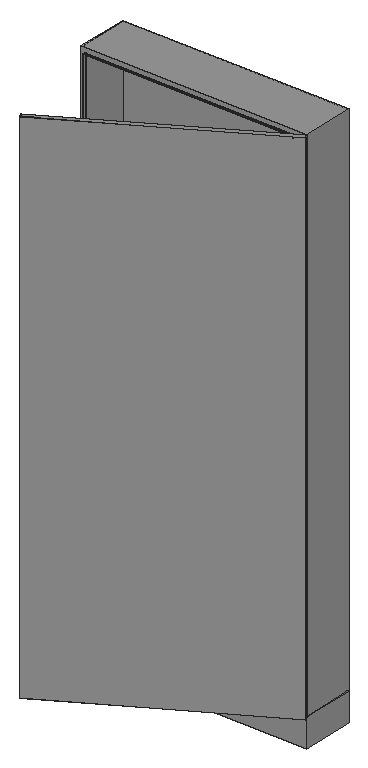
Revit family "Hager-Univers-IP44-D205-H1950-Cl.I-Encl-NoHosted-CH-it", category Electrical Equipment, Revit 2020
Family settings
  Panel Configuration = Two Columns, Circuits Across
  Round Connector Dimension = Use Diameter
  Part Type = Panelboard
  Work Plane-Based = Yes
  Always vertical = Yes
  Cut with Voids When Loaded = No
  Shared = No
  Room Calculation Point = No
Parameters (values of type "montaggio a pavimento IP44 L800 A1950 P205  - FP23TN2")
  Width Control [instance] = if([EF000008 - Larghezza] > Min Width, [EF000008 - Larghezza], Min Width)  # 800 mm
  Type Comments = [HG000003 - Gamma]  # "Univers"
  Thickness Door [instance] = if([EF009171 - spessore materiale porta/coperchio] > 3 mm, 3 mm, [EF009171 - spessore materiale porta/coperchio])  # 1 mm
  Seal Frame Offset [instance] = 17 mm  # constant formula
  Plinth Visibility [instance] = [HG000027 - Altezza dello zoccolo] > 0 mm  # yes
  Min Width [instance] = 100 mm  # constant formula
  Min Depth [instance] = (2 * [EF009170 - spessore materiale scatola]) + 1 mm  # 3 mm
  Min Height [instance] = 100 mm  # constant formula
  Internal Frame Depth [instance] = (Door System Depth * 0.5)  # 9 mm
  Panel Name [instance] = ""  # (empty or 0)
  Model = ""
  HG000027 - Altezza dello zoccolo = 100 mm
  HG000026 - A pavimento = yes
  HG000024 - Altezza della sezione inferiore = 600 mm
  HG000023 - Custodia a doppia sezione = no
  HG000016 - Visibilità delle porte nella vista 3D [instance] = yes
  HG000015 - Visibilità attraverso la porta [instance] = no
  HG000014 - Porta destra [instance] = yes
  HG000013 - Porta sinistra [instance] = not([HG000014 - Porta destra])  # no
  HG000012 - Angolo di apertura della porta [instance] = 30.00°
  HG000010 - Porte asimmetriche = no
  HG000009 - Porta doppia a battente = no
  HG000006 - Ad incasso = no
  HG000004 - Codice produttore = "FP23TN2"
  HG000003 - Gamma = "Univers"
  HG000002 - Con porta = yes
  Frame Offset Bottom [instance] = 10 mm  # constant formula
  Frame Offset [instance] = 15 mm  # constant formula
  EF015940 - Coprire con rilascio di sovrapressione = no
  EF011959 - tipo di protezione (NEMA) = ""
  EF009554 - numero delle aperture per la piastra della flangia = 6
  EF009212 - esecuzione coperchio = "EV000116 - chiuso"
  EF009171 - spessore materiale porta/coperchio = 1 mm
  EF009170 - spessore materiale scatola = 1 mm
  EF008873 - corrente nominale (In) = 400 A
  EF007800 - adatto per parafulmine = no
  EF006306 - con serratura = no
  EF006244 - coperchio/porta trasparente = no
  EF005474 - grado di protezione (IP) = "EV006418 - IP44"
  EF004464 - tipo di porta = "EV002646 - singolo"
  EF004427 - numero di moduli = 432
  EF004293 - resistenza agli urti = "EV006815 - IK09"
  EF003532 - adatto per uso esterno = no
  EF002950 - Numero moduli DIN = 36
  EF001613 - Integrità del circuito = "EV000494 - senza"
  EF001596 - Attacco Lampada = "EV000179 - acciaio"
  EF001131 - profondità interna = 205 mm
  EF001088 - possibilità di applicazione = yes
  EF000437 - numero di ingressi per conduttori = 6
  EF000339 - tipo di copertura = "EV001012 - coperchio"
  EF000266 - numero di file = 12
  EF000218 - profondità di incasso = 0 mm
  EF000118 - con piastra di montaggio = no
  EF000116 - numero RAL = "9010"
  EF000049 - profondità = 205 mm
  EF000040 - Altezza = 1950 mm
  EF000008 - Larghezza = 800 mm
  EF000007 - colore = "EV000202 - bianco"
  EF000003 - Tipo di montaggio = "EV012274 - montaggio a pavimento"
  Door System Leaf Tolerance [instance] = 1.5 mm  # constant formula
  Door System Depth [instance] = 18 mm  # constant formula
  Door Height [instance] = Height Control - [HG000027 - Altezza dello zoccolo]  # 1850 mm
  Description = ""
  Default Elevation = 1219.2 mm
  Connector Offset [instance] = Height Control / 2  # 975 mm
  Manufacturer = "Hager"  # constant formula
  Height Control [instance] = if([EF000040 - Altezza] > Min Height, [EF000040 - Altezza], Min Height)  # 1950 mm
  Depth Control [instance] = if([EF000049 - profondità] > Min Depth, [EF000049 - profondità], Min Depth)  # 205 mm
  Bottom Top Plate Trim [instance] = 1.5 mm  # constant formula
  Plinth height Ctrl [instance] = if([HG000027 - Altezza dello zoccolo] > 0 mm, [HG000027 - Altezza dello zoccolo], 12 mm)  # 100 mm
Types (5, lengths in mm): name | Width Control | HG000010 - Porte asimmetriche | HG000009 - Porta doppia a battente | HG000004 - Codice produttore | EF009554 - numero delle aperture per la piastra della flangia | EF008873 - corrente nominale (In) | EF004464 - tipo di porta | EF004427 - numero di moduli | EF002950 - Numero moduli DIN | EF000437 - numero di ingressi per conduttori | EF000008 - Larghezza
  montaggio a pavimento IP44 L1050 A1950 P205  - FP24TN2 | 1050 | no | yes | "FP24TN2" | 8 | 400 A | "EV003602 - doppio" | 576 | 48 | 8 | 1050
  montaggio a pavimento IP44 L1300 A1950 P205  - FP25TN2 | 1300 | yes | yes | "FP25TN2" | 10 | 400 A | "EV003602 - doppio" | 720 | 60 | 10 | 1300
  montaggio a pavimento IP44 L300 A1950 P205  - FP21TN2 | 300 | no | no | "FP21TN2" | 2 | 250 A | "EV002646 - singolo" | 144 | 12 | 2 | 300
  montaggio a pavimento IP44 L550 A1950 P205  - FP22TN2 | 550 | no | no | "FP22TN2" | 4 | 400 A | "EV002646 - singolo" | 288 | 24 | 4 | 550
  montaggio a pavimento IP44 L800 A1950 P205  - FP23TN2 | 800 | no | no | "FP23TN2" | 6 | 400 A | "EV002646 - singolo" | 432 | 36 | 6 | 800
Reference planes
  plane 1 "Center (Front/Back)": y = 0
  plane 2: z = 0
  plane 3 "Center (Left/Right)": x = 0
  plane 4: y = 0
  plane 5: y = 0
  plane 6: z = 0
  plane 7: x = -400
  plane 8: x = 400
  plane 9: x = 399
  plane 10: x = -399
  plane 11: z = 100
  plane 12: z = 101
  plane 13: y = -205
  plane 14: y = -1
  plane 15: x = 0
  plane 16: y = -187
  plane 17: y = -204
  plane 18: y = -186
  plane 19: x = -384
  plane 20: x = 384
  plane 21: z = 111
  plane 22: x = -383
  plane 23: x = 383
  plane 24: z = 100
  plane 25: z = 1950
  plane 26: z = 1950
  plane 27: z = 1934
  plane 28: z = 1949
Forms (mm)
  Extrusion 1, solid, material "Hager_Steel_RAL7035_Light_Grey", detail levels medium+fine
    sketch origin (-208.679, -4572, 100) x (-1, 0, 0) y (0, -1, 0)
      loop
        line (191.321, -4385) -> (-608.679, -4385) -> (-608.679, -4572) -> (191.321, -4572) -> (191.321, -4385)
    from 0 to 1850
  Extrusion 2, void
    sketch origin (-350.771, -205, 1219.2) x (1, 0, 0) y (0, 0, 1)
      loop
        line (-48.229, 729.8) -> (-48.229, -1118.2) -> (749.771, -1118.2) -> (749.771, 729.8) -> (-48.229, 729.8)
    from -19 to -204
  Extrusion 3, void
    sketch origin (-290.084, -187, 1219.2) x (1, 0, 0) y (0, 0, 1)
      loop
        line (-93.916, -1108.2) -> (674.084, -1108.2) -> (674.084, 714.8) -> (-93.916, 714.8) -> (-93.916, -1108.2)
    from 0 to -1
  Extrusion 4, solid, material "Hager_Steel_RAL7035_Light_Grey", visible <- "Plinth Visibility", detail levels medium+fine
    sketch origin (0, 0, 0) x (1, 0, 0) y (0, 1, 0)
      loop
        line (-400, 0) -> (-400, -187) -> (400, -187) -> (400, 0) -> (-400, 0)
    from 0 to 100 <- "Plinth height Ctrl"
  Extrusion 5, solid, material "Hager_Steel_RAL7035_Light_Grey", detail levels coarse
    sketch origin (0, 0, 0) x (1, 0, 0) y (0, 1, 0)
      loop
        line (-400, 0) -> (-400, -205) -> (400, -205) -> (400, 0) -> (-400, 0)
    from 0 to 1950 <- "Height Control"
  Sweep 6, void
    path in 3D
      loop
        line (-400, -187, 100) -> (400, -187, 100) -> (400, 0, 100) -> (-400, 0, 100) -> (-400, -187, 100)
    profile origin (-400, -93.5, 100) x (1, 0, 0) y (0, 0, 1)
      loop
        line (0, 0) -> (0, -1.5) -> (1.5, -1.5)
        arc (1.5, -1.5) -> (1.061, -0.439) -> (0, 0) r 1.5
  Extrusion 7, solid, material "Hager_Steel_RAL7035_Light_Grey", detail levels fine
    sketch origin (-400, -187, 100) x (1, 0, 0) y (0, 0, 1)
      loop
        line (16, 11) -> (784, 11) -> (784, 1834) -> (16, 1834) -> (16, 11)
      loop
        line (15, 10) -> (785, 10) -> (785, 1835) -> (15, 1835) -> (15, 10)
    from 0 to 9 <- "Internal Frame Depth"
Cuts and joins
  Extrusion 2, Extrusion 3 cuts Extrusion 1
  Sweep 6 cuts Extrusion 4
Lines and regions (mm)
  Masking region 1
    outline origin (0, 0, 0) x (1, 0, 0) y (0, 1, 0)
      loop
        line (-400, 0) -> (-400, -205) -> (400, -205) -> (400, 0) -> (-400, 0)
  Masking region 2, detail levels coarse
    outline origin (-290.084, -187, 1219.2) x (-1, 0, 0) y (0, 0, 1)
      loop
        line (-690.084, -1219.2) -> (109.916, -1219.2) -> (109.916, 730.8) -> (-690.084, 730.8) -> (-690.084, -1219.2)
  Masking region 3, detail levels coarse
    outline origin (0, 0, 0) x (0, 1, 0) y (0, 0, 1)
      loop
        line (0, 0) -> (0, 1950) -> (-205, 1950) -> (-205, 0) -> (0, 0)
  Masking region 4, visible <- "Plinth Visibility", detail levels medium+fine
    outline origin (0, 0, 0) x (0, 1, 0) y (0, 0, 1)
      loop
        line (-1.5, 100) -> (-185.5, 100)
        arc (-185.5, 100) -> (-185.939, 98.939) -> (-187, 98.5) r 1.5
        line (-187, 98.5) -> (-187, 0) -> (0, 0) -> (0, 98.5)
        arc (0, 98.5) -> (-1.061, 98.939) -> (-1.5, 100) r 1.5
  Masking region 5, detail levels medium+fine
    outline origin (0, 0, 594.038) x (0, 1, 0) y (0, 0, 1)
      loop
        line (0, -494.038) -> (0, 1355.962) -> (-187, 1355.962) -> (-187, -494.038) -> (0, -494.038)
  Masking region 6, detail levels medium+fine
    outline origin (-359.7, -187, 1211.883) x (-1, 0, 0) y (0, 0, 1)
      loop
        line (-759.7, -1111.883) -> (40.3, -1111.883) -> (40.3, 738.117) -> (-759.7, 738.117) -> (-759.7, -1111.883)
  Masking region 7, visible <- "Plinth Visibility", detail levels medium+fine
    outline origin (-320.334, -187, 1041.368) x (-1, 0, 0) y (0, 0, 1)
      loop
        line (-720.334, -1041.368) -> (79.666, -1041.368) -> (79.666, -942.868)
        arc (79.666, -942.868) -> (78.606, -942.429) -> (78.166, -941.368) r 1.5
        line (78.166, -941.368) -> (-718.834, -941.368)
        arc (-718.834, -941.368) -> (-719.273, -942.429) -> (-720.334, -942.868) r 1.5
        line (-720.334, -942.868) -> (-720.334, -1041.368)
  sketch lines
    curve 1: line (-400, 0, 100) -> (-400, -187, 100)
    curve 2: line (-400, -187, 100) -> (400, -187, 100)
    curve 3: line (400, 0, 100) -> (-400, 0, 100)
    curve 4: line (400, -187, 100) -> (400, 0, 100)
Dimensions and locks
  locked: plane 1 "Center (Front/Back)" to plane 5
  "EF009170 - spessore materiale scatola": plane 7 to plane 10
  "EF009170 - spessore materiale scatola": plane 8 to plane 9
  equal spacing: plane 7, plane 3 "Center (Left/Right)", plane 8
  "Width Control": plane 7 to plane 8
  "Depth Control": plane 4 to plane 13
  "EF009170 - spessore materiale scatola": plane 4 to plane 14
  "Height Control": plane 25 to level
  "HG000027 - Altezza dello zoccolo": plane 11 to level
  "EF009170 - spessore materiale scatola": plane 12 to plane 11
  "EF009170 - spessore materiale scatola": plane 17 to plane 13
  "EF009170 - spessore materiale scatola": plane 18 to plane 16
  "Frame Offset Bottom": plane 21 to plane 12
  "Frame Offset": plane 10 to plane 19
  "Frame Offset": plane 9 to plane 20
  "Door System Depth": plane 16 to plane 13
  "Seal Frame Offset": plane 7 to plane 22
  "Seal Frame Offset": plane 8 to plane 23
  "EF009170 - spessore materiale scatola": plane 26 to plane 28
  "Frame Offset": plane 28 to plane 27
  "Connector Offset": plane 2 to connector elem
  "Bottom Top Plate Trim": profile plane to Sweep 6 sketch curve
  "Bottom Top Plate Trim": Sweep 6 sketch curve to Sweep 6 sketch curve
  "Plinth height Ctrl": Masking region 4 sketch curve to level
  "Plinth height Ctrl": Masking region 7 sketch curve to level
  "Thickness Door": Extrusion 7 sketch curve to Extrusion 7 sketch curve  (x4)
  "Bottom Top Plate Trim": radius of Sweep 6 sketch curve
  "Bottom Top Plate Trim": radius of Masking region 4 sketch curve  (x2)
  "Bottom Top Plate Trim": radius of Masking region 7 sketch curve  (x2)
  aligned and locked: Extrusion 2 sketch curve to plane 12
  aligned and locked: Extrusion 2 sketch curve to plane 9
  aligned and locked: Extrusion 2 sketch curve to plane 10
  aligned and locked: Extrusion 2 to plane 14
  aligned and locked: Extrusion 1 sketch curve to plane 4
  aligned and locked: plane 8 to Extrusion 1 sketch curve
  aligned and locked: plane 7 to Extrusion 1 sketch curve
  aligned and locked: Extrusion 2 to plane 18
  aligned and locked: Extrusion 3 sketch curve to plane 19
  aligned and locked: plane 20 to Extrusion 3 sketch curve
  aligned and locked: Extrusion 3 to Extrusion 2
  aligned and locked: Extrusion 3 sketch curve to plane 21
  aligned and locked: plane 3 "Center (Left/Right)" to nested 1
  aligned and locked: Extrusion 1 sketch curve to plane 16
  aligned and locked: Extrusion 4 sketch curve to cut or joined group of Extrusion 1, Extrusion 2, Extrusion 3
  aligned and locked: Masking region 1 sketch curve to plane 7
  aligned and locked: Masking region 1 sketch curve to plane 5
  aligned and locked: Masking region 1 sketch curve to plane 8
  aligned and locked: Masking region 2 sketch curve to level
  aligned and locked: level to Masking region 3 sketch curve
  aligned and locked: plane 1 "Center (Front/Back)" to Masking region 3 sketch curve
  aligned and locked: plane 13 to Masking region 3 sketch curve
  aligned and locked: plane 5 to Masking region 4 sketch curve
  aligned and locked: Masking region 2 sketch curve to plane 8
  aligned and locked: Masking region 2 sketch curve to plane 7
  aligned and locked: plane 7 to nested 2
  aligned and locked: nested 2 to plane 5
  aligned and locked: plane 5 to Masking region 5 sketch curve
  aligned and locked: plane 26 to Masking region 5 sketch curve
  aligned and locked: Extrusion 5 sketch curve to plane 8
  aligned and locked: Extrusion 5 sketch curve to plane 7
  aligned and locked: Extrusion 5 sketch curve to plane 5
  aligned and locked: Extrusion 3 sketch curve to plane 27
  aligned and locked: Extrusion 2 sketch curve to plane 28
  aligned and locked: Masking region 2 to plane 25
  aligned and locked: Extrusion 4 to plane 16
  aligned and locked: profile plane to Sweep 6 sketch curve
  aligned and locked: Masking region 5 sketch curve to plane 24
  aligned and locked: level to Masking region 4 sketch curve
  aligned and locked: Masking region 1 to plane 13
  aligned and locked: nested 1 to plane 16
  aligned and locked: Masking region 3 to plane 25
  aligned and locked: plane 16 to Masking region 4 sketch curve
  aligned and locked: Masking region 5 sketch curve to plane 16
  aligned and locked: plane 24 to plane 11
  aligned and locked: plane 26 to plane 25
  aligned and locked: plane 26 to cut or joined group of Extrusion 1, Extrusion 2, Extrusion 3
  aligned and locked: nested 1 to plane 24
  aligned and locked: Extrusion 1 to Extrusion 3
  aligned and locked: Masking region 6 sketch curve to plane 8
  aligned and locked: Masking region 6 sketch curve to plane 24
  aligned and locked: Masking region 6 sketch curve to plane 7
  aligned and locked: Masking region 6 sketch curve to plane 26
  aligned and locked: Masking region 7 sketch curve to plane 7
  aligned and locked: level to Masking region 7 sketch curve
  aligned and locked: Masking region 7 sketch curve to plane 8
  aligned and locked: Extrusion 7 sketch curve to cut or joined group of Extrusion 1, Extrusion 2, Extrusion 3  (x4)
Automatic sketch dimensions
  plane 19 to Extrusion 3 sketch curve = 0 mm
  Extrusion 3 sketch curve to plane 20 = 0 mm
  Extrusion 3 sketch curve to plane 21 = 0 mm
  Extrusion 4 sketch curve to plane 7 = 0 mm
  Extrusion 4 sketch curve to plane 8 = 0 mm
  Extrusion 4 sketch curve to plane 16 = 0 mm
  Masking region 1 sketch curve to plane 13 = 0 mm
  Masking region 2 sketch curve to plane 25 = 0 mm
  Masking region 3 sketch curve to plane 25 = 0 mm
  Extrusion 5 sketch curve to plane 13 = 0 mm
  profile plane to Sweep 6 sketch curve = 0 mm
Nested families
  nested 1: "EC000058_Univers_Door" at (0, -187, 100), Double <- "HG000009 - Porta doppia a battente", Transparent <- "EF006244 - coperchio/porta trasparente", Angle <- "HG000012 - Angolo di apertura della porta", Door_Right <- "HG000014 - Porta destra", Assymetrical <- "HG000010 - Porte asimmetriche", Door <- "HG000002 - Con porta", Width_Ctrl <- "Width Control", 3d_Door <- "HG000016 - Visibilità delle porte nella vista 3D", Clearance <- "HG000015 - Visibilità attraverso la porta", Door_Left <- "HG000013 - Porta sinistra", Width <- "Width Control", Door_Depth <- "Door System Depth", Leaf_Tolerance <- "Door System Leaf Tolerance", Height <- "Door Height", Lock_Visibility <- "EF006306 - con serratura", Thickness <- "Thickness Door", type "EC000058_Univers_Door", detail levels medium+fine
    with min_wh 3 mm, Width_Ctrl 800 mm, Width 800 mm, Transparent no, Thickness 1 mm, Seal_Material Hager_Rubber, Lock_Visibility no, Lock_Material Hager_Plastic_RAL9005_Jet_Black, Leaf_Width 800 mm, Leaf_Tolerance_External_Sides 0 mm, Leaf_Tolerance 1.5 mm, Leaf_Offset 0 mm, Leaf_Height 1847 mm, Leaf_2_Width 800 mm, Leaf_2_Offset 400 mm, Leaf_1_Width 800 mm, Leaf_1_Offset 400 mm, Height_Ctrl 1850 mm, Height 1850 mm, Glass_Material Hager_Glass, Double_Clearance_Ctrl no, Double no, Door_Right_Ctrl yes, Door_Right yes, Door_Material Hager_Steel_RAL7035_Light_Grey, Door_Left_Ctrl no, Door_Left no, Door_Depth 18 mm, Door yes, Clearance_Material Hager_Clearance, Clearance_Depth 800 mm, Clearance_Ctrl no, Clearance no, Assymetrical no, Angle 30.00°, 3d_Door yes
  nested 2: "Hager_Enclosure_Symbol" at (-400, 0, 0), Height <- "Depth Control", Width <- "Width Control", type "Hager_Enclosure_Symbol"
    with Width_Ctrl 800 mm, Width 800 mm, Height_Ctrl 205 mm, Height 205 mm, A_Width_Int 13.453 mm, A_Width 161.438 mm, A_Height_Ctrl 179.375 mm, A_Height 179.375 mm
Connectors
  electrical at (0, 0, 975)
    settings: on plane 1 "Center (Front/Back)", index 1, voltage 0 V, apparent load 0 VA, apparent load phase1 0 VA, apparent load phase2 0 VA, apparent load phase3 0 VA, power factor 1, load classification "Other", number of poles 1, system type 30, power factor state 1, is connector primary yes, connector utility no, sub classification motor no, connector description ""
Definition of nested family "EC000058_Univers_Door"
  Parameters (values of type "EC000058_Univers_Door")
    min_wh [instance] = (2 * Thickness) + 1 mm  # 11 mm
    Width_Ctrl [instance] = 400 mm
    Width [instance] = 500 mm
    Transparent [instance] = yes
    Thickness [instance] = 5 mm
    Seal_Material [instance] = none
    Lock_Visibility [instance] = yes
    Lock_Material [instance] = none
    Leaf_Width [instance] = if((Width_Ctrl - 2 * Leaf_Tolerance_External_Sides) > 0 mm, (Width_Ctrl - 2 * Leaf_Tolerance_External_Sides), min_wh)  # 400 mm
    Leaf_Tolerance_External_Sides [instance] = 0 mm  # constant formula
    Leaf_Tolerance [instance] = 1.5 mm
    Leaf_Offset [instance] = 0 mm  # constant formula
    Leaf_Height [instance] = if((Height_Ctrl - 2 * Leaf_Tolerance) > 0 mm, (Height_Ctrl - 2 * Leaf_Tolerance), min_wh)  # 497 mm
    Leaf_2_Width [instance] = if(and(and(Double, Assymetrical), Door_Left), (Leaf_Width / 3) - (Leaf_Tolerance / 2), if(and(and(Double, Assymetrical), Door_Right), (Leaf_Width / 3) * 2 - (Leaf_Tolerance / 2), if(and(Double, not(Assymetrical)), (Leaf_Width / 2) - Leaf_Tolerance, Leaf_Width)))  # 400 mm
    Leaf_2_Offset [instance] = if(and(Double, Assymetrical), Leaf_2_Width / 2, if(and(Double, not(Assymetrical)), Leaf_Width / 4, Leaf_Width / 2))  # 200 mm
    Leaf_1_Width [instance] = if(and(and(Double, Assymetrical), Door_Right), (Leaf_Width / 3) - (Leaf_Tolerance / 2), if(and(and(Double, Assymetrical), Door_Left), (Width / 3) * 2 - (Leaf_Tolerance / 2), if(and(Double, not(Assymetrical)), (Leaf_Width / 2) - Leaf_Tolerance, Leaf_Width)))  # 400 mm
    Leaf_1_Offset [instance] = if(and(Double, Assymetrical), Leaf_1_Width / 2, if(and(Double, not(Assymetrical)), Leaf_Width / 4, Leaf_Width / 2))  # 200 mm
    Height_Ctrl [instance] = if(Height > min_wh, Height, min_wh)  # 500 mm
    Height [instance] = 500 mm
    Glass_Material [instance] = none
    Double_Clearance_Ctrl [instance] = and(Double, Clearance)  # no
    Double [instance] = no
    Door_Right_Ctrl [instance] = and(or(Door_Right, Double), Door)  # yes
    Door_Right [instance] = yes
    Door_Material [instance] = none
    Door_Left_Ctrl [instance] = and(or(Door_Left, Double), Door)  # no
    Door_Left [instance] = no
    Door_Depth [instance] = 30 mm
    Door [instance] = yes
    Default Elevation = 1219.2 mm
    Clearance_Material [instance] = none
    Clearance_Depth [instance] = if(Leaf_1_Width > Leaf_2_Width, Leaf_1_Width, Leaf_2_Width)  # 400 mm
    Clearance_Ctrl [instance] = and(not(Double), Clearance)  # yes
    Clearance [instance] = yes
    Assymetrical [instance] = yes
    Angle [instance] = 30.00°
    3d_Door [instance] = yes
  Reference planes
    plane 1 "Center (Front/Back)": y = 0
    plane 2 "Bottom": z = 0
    plane 3 "Center (Left/Right)": x = 0
    plane 4: z = 500
    plane 5: x = -200
    plane 6: x = 200
    plane 7: z = 500
    plane 8: x = -200
    plane 9: z = 0
    plane 10: x = 200
    plane 11: y = 0
    plane 12: z = 1.5
    plane 13: x = -600
    plane 14: y = -400
    plane 15: x = 600
    plane 16: x = 0
    plane 17: x = 0
    plane 18: x = -200
    plane 19: x = 200
    plane 20: z = 498.5
  Forms (mm)
    Extrusion 1, solid, material <- "Clearance_Material", visible <- "Double_Clearance_Ctrl"
      sketch origin (1200, 0, 0) x (1, 0, 0) y (0, 0, -1)
        loop
          line (-1800, -498.5) -> (-600, -498.5) -> (-600, 0) -> (-1800, 0) -> (-1800, -498.5)
      from 0 to -400
  Dimensions and locks
    equal spacing: plane 5, plane 3 "Center (Left/Right)", plane 6
    "Width_Ctrl": plane 5 to plane 6
    "Leaf_Offset": plane 5 to plane 8
    "Leaf_Offset": plane 6 to plane 10
    "Leaf_Offset": plane 9 to level
    "Leaf_Offset": plane 4 to plane 7
    "Height_Ctrl": plane 4 to level
    "Leaf_Tolerance": plane 12 to plane 9
    locked: plane 11 to plane 1 "Center (Front/Back)"
    "Leaf_1_Offset": plane 18 to plane 16
    "Leaf_2_Offset": plane 17 to plane 19
    "Leaf_1_Width": plane 13 to plane 8
    "Leaf_2_Width": plane 10 to plane 15
    "Clearance_Depth": plane 14 to plane 1 "Center (Front/Back)"
    "Leaf_Tolerance_External_Sides": plane 8 to plane 18
    "Leaf_Tolerance_External_Sides": plane 19 to plane 10
    "Leaf_Tolerance": plane 7 to plane 20
    aligned and locked: level to plane 2 "Bottom"
    aligned and locked: nested 1 to plane 16
    aligned and locked: nested 2 to plane 17
    aligned and locked: Extrusion 1 to plane 13
    aligned and locked: plane 15 to Extrusion 1
    aligned and locked: Extrusion 1 to plane 14
    aligned and locked: plane 12 to nested 1
    aligned and locked: nested 2 to plane 12
    aligned and locked: Extrusion 1 to plane 11
    aligned and locked: plane 20 to Extrusion 1
    aligned and locked: nested 2 to plane 11
    aligned and locked: nested 1 to plane 11
  Automatic sketch dimensions
    Extrusion 1 sketch curve to level = 0 mm
    plane 5 to Extrusion 1 sketch curve = 400 mm
    plane 6 to Extrusion 1 sketch curve = 400 mm
    Extrusion 1 sketch curve to plane 4 = 1.5 mm
  Nested families
    nested 1: "EC000058_Univers_Door_Leaf" at (0, 0, 1.5), Width <- "Leaf_1_Width", visible <- "Door_Left_Ctrl", Leaf_Height <- "Leaf_Height", Angle <- "Angle", 3d_Door <- "3d_Door", Transparent <- "Transparent", Clearance Material <- "Clearance_Material", Clearance <- "Clearance_Ctrl", Door_Material <- "Door_Material", Glass_Material <- "Glass_Material", Door_Depth <- "Door_Depth", Lock_Material <- "Lock_Material", Seal_Material <- "Seal_Material", Lock_Visibility <- "Lock_Visibility", Thickness <- "Thickness", type "EC000058_Univers_Door_Leaf"
      with Width 400 mm, Transparent_Glass_Offset 30 mm, Transparent_Ctrl yes, Transparent yes, Thickness 5 mm, Standard no, Seal_Material none, Seal_D2 8 mm, Seal_D1 1 mm, Offset_Internal_Frame 10 mm, Lock_Width 20 mm, Lock_Visibility_3d yes, Lock_Visibility yes, Lock_Thickness_3 3 mm, Lock_Thickness_2 1 mm, Lock_Thickness_1 3 mm, Lock_Radius_Offset_2 16 mm, Lock_Radius_Offset_1 15 mm, Lock_Radius_2 5 mm, Lock_Radius 6 mm, Lock_Offset 5 mm, Lock_Material none, Lock_Height 80 mm, Lock_Cover_Top_Offset_2d 17 mm, Lock_Cover_Height -65 mm, Leaf_Height 497 mm, Internal_Seal_Thickness 8 mm, Internal_Seal_Depth_2 4.5 mm, Internal_Frame_Depth 25 mm, Glass_Thickness -1 mm, Glass_Offset -2 mm, Glass_Material none, Door_Material none, Door_Depth 30 mm, Clearance Material none, Clearance yes, Angle_Ctrl 30.00°, Angle 30.00°, 3d_Door yes
    nested 2: "EC000058_Univers_Door_Leaf" at (0, 0, 1.5) x (-1, 0, 0) z (0, 0, 1), Width <- "Leaf_2_Width", visible <- "Door_Right_Ctrl", Leaf_Height <- "Leaf_Height", Angle <- "Angle", 3d_Door <- "3d_Door", Transparent <- "Transparent", Clearance Material <- "Clearance_Material", Clearance <- "Clearance_Ctrl", Door_Material <- "Door_Material", Glass_Material <- "Glass_Material", Door_Depth <- "Door_Depth", Lock_Material <- "Lock_Material", Seal_Material <- "Seal_Material", Lock_Visibility <- "Lock_Visibility", Thickness <- "Thickness", type "EC000058_Univers_Door_Leaf"
      with Width 400 mm, Transparent_Glass_Offset 30 mm, Transparent_Ctrl yes, Transparent yes, Thickness 5 mm, Standard no, Seal_Material none, Seal_D2 8 mm, Seal_D1 1 mm, Offset_Internal_Frame 10 mm, Lock_Width 20 mm, Lock_Visibility_3d yes, Lock_Visibility yes, Lock_Thickness_3 3 mm, Lock_Thickness_2 1 mm, Lock_Thickness_1 3 mm, Lock_Radius_Offset_2 16 mm, Lock_Radius_Offset_1 15 mm, Lock_Radius_2 5 mm, Lock_Radius 6 mm, Lock_Offset 5 mm, Lock_Material none, Lock_Height 80 mm, Lock_Cover_Top_Offset_2d 17 mm, Lock_Cover_Height -65 mm, Leaf_Height 497 mm, Internal_Seal_Thickness 8 mm, Internal_Seal_Depth_2 4.5 mm, Internal_Frame_Depth 25 mm, Glass_Thickness -1 mm, Glass_Offset -2 mm, Glass_Material none, Door_Material none, Door_Depth 30 mm, Clearance Material none, Clearance yes, Angle_Ctrl 30.00°, Angle 30.00°, 3d_Door yes
  Definition of nested family "EC000058_Univers_Door_Leaf"
    Parameters (values of type "EC000058_Univers_Door_Leaf")
      Width [instance] = 2000 mm
      Transparent_Glass_Offset [instance] = 30 mm
      Transparent_Ctrl [instance] = and(Transparent, [3d_Door])  # yes
      Transparent [instance] = yes
      Thickness [instance] = 5 mm
      Standard [instance] = and(not(Transparent), [3d_Door])  # no
      Seal_Material [instance] = none
      Seal_D2 [instance] = 8 mm  # constant formula
      Seal_D1 [instance] = 1 mm  # constant formula
      Offset_Internal_Frame [instance] = 10 mm  # constant formula
      Lock_Width [instance] = 20 mm  # constant formula
      Lock_Visibility_3d [instance] = and(Lock_Visibility, [3d_Door])  # yes
      Lock_Visibility [instance] = yes
      Lock_Thickness_3 [instance] = 3 mm  # constant formula
      Lock_Thickness_2 [instance] = 1 mm  # constant formula
      Lock_Thickness_1 [instance] = 3 mm  # constant formula
      Lock_Radius_Offset_2 [instance] = Lock_Radius_Offset_1 + 1 mm  # 16 mm
      Lock_Radius_Offset_1 [instance] = 15 mm  # constant formula
      Lock_Radius_2 [instance] = Lock_Radius - 1 mm  # 5 mm
      Lock_Radius [instance] = 6 mm  # constant formula
      Lock_Offset [instance] = 5 mm  # constant formula
      Lock_Material [instance] = none
      Lock_Height [instance] = 80 mm  # constant formula
      Lock_Cover_Top_Offset_2d [instance] = Lock_Radius_Offset_2 + 1 mm  # 17 mm
      Lock_Cover_Height [instance] = -(Lock_Height - Lock_Radius_Offset_1)  # -65 mm
      Leaf_Height [instance] = 2720.336 mm
      Internal_Seal_Thickness [instance] = 8 mm  # constant formula
      Internal_Seal_Depth_2 [instance] = 4.5 mm  # constant formula
      Internal_Frame_Depth [instance] = if(Door_Depth - Thickness > 5 mm, Door_Depth - Thickness, 5 mm)  # 25 mm
      Glass_Thickness [instance] = if(Thickness > 15 mm, Glass_Offset + 10 mm, -1 mm)  # -1 mm
      Glass_Offset [instance] = if(Thickness > 15 mm, -(Thickness + 10 mm) / 2, -2 mm)  # -2 mm
      Glass_Material [instance] = none
      Door_Material [instance] = none
      Door_Depth [instance] = 30 mm
      Default Elevation = 0 mm
      Clearance Material [instance] = none
      Clearance [instance] = yes
      Angle_Ctrl [instance] = if(Angle > 180.00°, 180.00°, Angle)  # 90.00°
      Angle [instance] = 90.00°
      3d_Door [instance] = yes
    Reference planes
      plane 1 "Center (Front/Back)": y = 0
      plane 2: z = 0
      plane 3 "Center (Left/Right)": x = 0
      plane 4: y = 2000
      plane 5: x = -1000
      plane 6: x = 1000
      plane 7: x = -3000
      plane 8: z = 2720.336
      plane 9: z = 30
      plane 10: z = 2690.336
      plane 11: x = 970
      plane 12: x = -970
      plane 13: y = -3
      plane 14: z = 107.833
      plane 15: y = -5
      plane 16: y = -223.314
      plane 17: x = -1000
      plane 18: z = 1360.168
      plane 19: y = 30
    Forms (mm)
      Extrusion 1, solid, material <- "Clearance Material", visible <- "Clearance"
        sketch origin (0, 0, 0) x (1, 0, 0) y (0, 0, 1)
          loop
            line (-3000, 2720.336) -> (-3000, 0) -> (1000, 0) -> (1000, 2720.336) -> (-3000, 2720.336)
        from 0 to -2000
      Extrusion 2, solid, material <- "Door_Material", visible <- "Standard", detail levels medium+fine
        sketch origin (-1000, 0, 0) x (0, 1, 0) y (-1, 0, 0)
          loop
            line (0, 30) -> (0, 25) -> (2000, 25) -> (2000, 30) -> (0, 30)
        from 0 to 2720.336 <- "Leaf_Height"
      Extrusion 3, solid, material <- "Door_Material", visible <- "Transparent_Ctrl", detail levels medium+fine
        sketch origin (-1000, 0, 0) x (0, 1, 0) y (-1, 0, 0)
          loop
            line (0, 25) -> (2000, 25) -> (2000, 30) -> (0, 30) -> (0, 25)
        from 0 to 2720.336 <- "Leaf_Height"
      Extrusion 4, void
        sketch origin (-1025, 2000, 0) x (0, 1, 0) y (0, 0, -1)
          loop
            line (-30, -2690.336) -> (-30, -30) -> (-1970, -30) -> (-1970, -2690.336) -> (-30, -2690.336)
        from 0 to 5 <- "Thickness"
      Sweep 5, solid, material <- "Seal_Material", visible <- "Transparent_Ctrl", detail levels fine
        path in 3D
          loop
            line (-1025, 30, 30) -> (-1025, 30, 2690.336) -> (-1025, 1970, 2690.336) -> (-1025, 1970, 30) -> (-1025, 30, 30)
        profile origin (-1025, 1000, 30) x (1, 0, 0) y (0, 0, 1)
          loop
            line (0, 0) -> (0, -8) -> (1, -8) -> (1, 0) -> (0, 0)
      Extrusion 6, solid, material <- "Glass_Material", visible <- "Transparent_Ctrl", detail levels medium+fine
        sketch origin (-1030, 0, 0) x (0, 1, 0) y (0, 0, -1)
          loop
            line (1970, -2690.336) -> (1970, -30) -> (30, -30) -> (30, -2690.336) -> (1970, -2690.336)
        from -2 <- "Glass_Offset" to -1 <- "Glass_Thickness"
      Extrusion 7, solid, material <- "Door_Material", visible <- "3d_Door", detail levels medium+fine
        sketch origin (-1025, 2000, 0) x (0, -1, 0) y (0, 0, -1)
          loop
            line (0, -2720.336) -> (2000, -2720.336) -> (2000, 0) -> (0, 0) -> (0, -2720.336)
          loop
            line (1995, -5) -> (5, -5) -> (5, -2715.336) -> (1995, -2715.336) -> (1995, -5)
        from 0 to 25 <- "Internal_Frame_Depth"
      Sweep 8, solid, material <- "Seal_Material", visible <- "Transparent_Ctrl", detail levels fine
        path in 3D
          loop
            line (-1025, 0, 0) -> (-1025, 2000, 0) -> (-1025, 2000, 2720.336) -> (-1025, 0, 2720.336) -> (-1025, 0, 0)
        profile origin (-1025, 0, 1360.168) x (1, 0, 0) y (0, 1, 0)
          loop
            line (0, 10) -> (2.975, 10)
            arc (2.975, 10) -> (4.053, 10.447) -> (4.5, 11.525) r 1.525
            line (4.5, 11.525) -> (4.5, 16.527)
            arc (4.5, 16.527) -> (4.069, 17.569) -> (3.027, 18) r 1.473
            line (3.027, 18) -> (0, 18) -> (0, 10)
      Extrusion 9, solid, material <- "Lock_Material", visible <- "Lock_Visibility_3d", detail levels fine
        sketch origin (-1030, 0, 0) x (0, 1, 0) y (0, 0, -1)
          loop
            arc (1993.5, -1400.168) -> (1994.561, -1399.729) -> (1995, -1398.668) r 1.5
            line (1995, -1398.668) -> (1995, -1320.168) -> (1975, -1320.168) -> (1975, -1398.668)
            arc (1975, -1398.668) -> (1975.439, -1399.729) -> (1976.5, -1400.168) r 1.5
            line (1976.5, -1400.168) -> (1993.5, -1400.168)
        from 3 <- "Lock_Thickness_1" to 0
      Blend 10, solid, material <- "Lock_Material", visible <- "Lock_Visibility_3d", detail levels fine
        base sketch origin (-1033, 0, 0) x (0, 1, 0) y (0, 0, -1)
          loop
            line (1975, -1320.168) -> (1975, -1398.668)
            arc (1975, -1398.668) -> (1975.439, -1399.729) -> (1976.5, -1400.168) r 1.5
            line (1976.5, -1400.168) -> (1993.5, -1400.168)
            arc (1993.5, -1400.168) -> (1994.561, -1399.729) -> (1995, -1398.668) r 1.5
            line (1995, -1398.668) -> (1995, -1320.168) -> (1975, -1320.168)
        top sketch origin (-1033, 0, 0) x (0, 1, 0) y (0, 0, -1)
          loop
            line (1976, -1320.168) -> (1976, -1398.668)
            arc (1976, -1398.668) -> (1976.146, -1399.022) -> (1976.5, -1399.168) r 0.5
            line (1976.5, -1399.168) -> (1993.5, -1399.168)
            arc (1993.5, -1399.168) -> (1993.854, -1399.022) -> (1994, -1398.668) r 0.5
            line (1994, -1398.668) -> (1994, -1320.168) -> (1976, -1320.168)
        from 0 to 1 <- "Lock_Thickness_2"
      Blend 11, solid, material <- "Lock_Material", visible <- "Lock_Visibility_3d", detail levels fine
        base sketch origin (-1034, 0, 0) x (0, 1, 0) y (0, 0, -1)
          loop
            line (1978, -1320.168) -> (1978, -1384.168)
            arc (1978, -1384.168) -> (1985, -1391.168) -> (1992, -1384.168) r 7
            line (1992, -1384.168) -> (1992, -1320.168) -> (1978, -1320.168)
        top sketch origin (-1034, 0, 0) x (0, 1, 0) y (0, 0, -1)
          loop
            line (1991, -1320.168) -> (1979, -1320.168) -> (1979, -1383.168)
            arc (1979, -1383.168) -> (1985, -1389.168) -> (1991, -1383.168) r 6
            line (1991, -1383.168) -> (1991, -1320.168)
        from 0 to 3 <- "Lock_Thickness_3"
      Extrusion 12, solid, material <- "Lock_Material", visible <- "Lock_Visibility_3d", detail levels fine
        sketch origin (-1030, 1975, 1320.168) x (1, 0, 0) y (0, -1, 0)
          loop
            line (-7, -19) -> (-7, -1) -> (0, -1) -> (0, 0) -> (-8, 0) -> (-8, -20) -> (0, -20) -> (0, -19) -> (-7, -19)
        from 0 to -65 <- "Lock_Cover_Height"
      Extrusion 13, void
        sketch origin (-1038, 1995, 1320.168) x (-1, 0, 0) y (0, 0, -1)
          loop
            line (-5, -65) -> (0, -65) -> (-5, -60) -> (-5, -65)
        from 0 to 20 <- "Lock_Width"
      Extrusion 14, void
        sketch origin (-1038, 1975, 1320.168) x (0, -1, 0) y (0, 0, -1)
          loop
            circle (-10, -15.995) r 6
          loop
            circle (-10, -15.995) r 5
        from 0 to 2
      Extrusion 15, solid, material <- "Lock_Material", visible <- "Lock_Visibility_3d", detail levels medium
        sketch origin (-1030, 0, 0) x (0, 1, 0) y (0, 0, -1)
          loop
            arc (1993.5, -1400.168) -> (1994.561, -1399.729) -> (1995, -1398.668) r 1.5
            line (1995, -1398.668) -> (1995, -1320.168) -> (1975, -1320.168) -> (1975, -1398.668)
            arc (1975, -1398.668) -> (1975.439, -1399.729) -> (1976.5, -1400.168) r 1.5
            line (1976.5, -1400.168) -> (1993.5, -1400.168)
        from 8 to 0
    Cuts and joins
      Extrusion 4 cuts Extrusion 3
      Extrusion 13, Extrusion 14 cuts Extrusion 9
      Extrusion 14 cuts Blend 11
      Extrusion 13, Extrusion 14 cuts Extrusion 12
      joined: Extrusion 9, Blend 10, Blend 11, Extrusion 12
      Extrusion 14 cuts Extrusion 15
    Lines and regions (mm)
      Masking region 1, visible <- "Lock_Visibility", detail levels fine
        outline origin (0, 0, 0) x (0, 1, 0) y (0, 0, 1)
          loop
            line (30, 1320.168) -> (33, 1320.168) -> (33, 1400.168) -> (30, 1400.168) -> (30, 1320.168)
      Masking region 2, visible <- "Lock_Visibility", detail levels fine
        outline origin (0, 3.143, 0) x (0, 1, 0) y (0, 0, 1)
          loop
            line (29.857, 1354.168) -> (30.857, 1354.168) -> (30.857, 1366.168) -> (29.857, 1366.168) -> (29.857, 1354.168)
      Masking region 3, detail levels medium+fine
        outline origin (0, 0, 0) x (0, 1, 0) y (0, 0, 1)
          loop
            line (0, 0) -> (30, 0) -> (30, 2720.336) -> (0, 2720.336) -> (0, 0)
      Masking region 4, detail levels medium+fine
        outline origin (0, 0, 0) x (1, 0, 0) y (0, 0, 1)
          loop
            line (-1000, 2720.336) -> (-1000, 0) -> (1000, 0) -> (1000, 2720.336) -> (-1000, 2720.336)
      Masking region 5, visible <- "Lock_Visibility", detail levels fine
        outline origin (-47.116, 0, 0) x (1, 0, 0) y (0, 0, 1)
          loop
            arc (1024.616, 1399.168) -> (1023.556, 1398.729) -> (1023.116, 1397.668) r 1.5
            line (1023.116, 1397.668) -> (1023.116, 1320.168) -> (1041.116, 1320.168) -> (1041.116, 1397.668)
            arc (1041.116, 1397.668) -> (1040.677, 1398.729) -> (1039.616, 1399.168) r 1.5
            line (1039.616, 1399.168) -> (1024.616, 1399.168)
      Masking region 6, visible <- "Lock_Visibility", detail levels medium+fine
        outline origin (-25, 0, 0) x (1, 0, 0) y (0, 0, 1)
          loop
            arc (1001.5, 1400.168) -> (1000.439, 1399.729) -> (1000, 1398.668) r 1.5
            line (1000, 1398.668) -> (1000, 1320.168) -> (1020, 1320.168) -> (1020, 1398.668)
            arc (1020, 1398.668) -> (1019.561, 1399.729) -> (1018.5, 1400.168) r 1.5
            line (1018.5, 1400.168) -> (1001.5, 1400.168)
      Masking region 7, visible <- "Lock_Visibility", detail levels fine
        outline origin (-73.735, 0, 0) x (1, 0, 0) y (0, 0, 1)
          loop
            line (1051.735, 1382.168) -> (1065.735, 1382.168) -> (1065.735, 1384.168)
            arc (1065.735, 1384.168) -> (1058.735, 1391.168) -> (1051.735, 1384.168) r 7
            line (1051.735, 1384.168) -> (1051.735, 1382.168)
      Masking region 8, visible <- "Lock_Visibility", detail levels fine
        outline origin (-73.735, 0, 0) x (1, 0, 0) y (0, 0, 1)
          loop
            line (1052.735, 1382.168) -> (1064.735, 1382.168) -> (1064.735, 1383.168)
            arc (1064.735, 1383.168) -> (1058.735, 1389.168) -> (1052.735, 1383.168) r 6
            line (1052.735, 1383.168) -> (1052.735, 1382.168)
      Masking region 9, visible <- "Lock_Visibility", detail levels fine
        outline origin (-25, 0, 0) x (1, 0, 0) y (0, 0, 1)
          loop
            line (1020, 1320.168) -> (1020, 1382.168) -> (1000, 1382.168) -> (1000, 1320.168) -> (1020, 1320.168)
      Masking region 10, detail levels medium+fine
        outline origin (0, 0, 0) x (1, 0, 0) y (0, 0, 1)
          loop
            circle (985, 1335.144) r 6
      Masking region 11, detail levels fine
        outline origin (0, 0, 0) x (1, 0, 0) y (0, 0, 1)
          loop
            circle (985, 1335.144) r 5
      Masking region 12, visible <- "Lock_Visibility", detail levels fine
        outline origin (0, 12.767, 0) x (0, 1, 0) y (0, 0, 1)
          loop
            line (20.233, 1320.168) -> (21.233, 1320.168) -> (21.233, 1399.168) -> (20.233, 1400.168) -> (20.233, 1320.168)
      Masking region 13, visible <- "Lock_Visibility", detail levels fine
        outline origin (0, 13.767, -10) x (0, 1, 0) y (0, 0, 1)
          loop
            line (20.233, 1330.168) -> (23.233, 1330.168) -> (23.233, 1399.168) -> (20.233, 1402.168) -> (20.233, 1330.168)
      Masking region 14, visible <- "Lock_Visibility", detail levels fine
        outline origin (0, 12.767, -10) x (0, 1, 0) y (0, 0, 1)
          loop
            line (20.233, 1330.168) -> (25.233, 1330.168) -> (25.233, 1399.305) -> (20.233, 1394.305) -> (20.233, 1330.168)
      Masking region 15, visible <- "Lock_Visibility", detail levels medium
        outline origin (0, 0, 0) x (0, 1, 0) y (0, 0, 1)
          loop
            line (30, 1320.168) -> (38, 1320.168) -> (38, 1400.168) -> (30, 1400.168) -> (30, 1320.168)
      Masking region 16, visible <- "Lock_Visibility", detail levels fine
        outline origin (-1000, 0, 0) x (0, 1, 0) y (-1, 0, 0)
          loop
            line (1975, 30) -> (1995, 30) -> (1995, 38) -> (1975, 38) -> (1975, 30)
          loop
            line (1979, 37) -> (1976, 37) -> (1976, 34) -> (1978, 34) -> (1979, 37)
          loop
            line (1994, 37) -> (1991, 37) -> (1992, 34) -> (1994, 34) -> (1994, 37)
      Masking region 17, visible <- "Lock_Visibility", detail levels medium
        outline origin (-1000, 0, 0) x (0, 1, 0) y (-1, 0, 0)
          loop
            line (1975, 30) -> (1995, 30) -> (1995, 38) -> (1975, 38) -> (1975, 30)
      symbolic lines
        curve 1: line (1000, 0, 0) -> (-3000, 0, 0)
        curve 2: arc (1000, 0, 0) -> (-1000, 2000, 0) -> (-3000, 0, 0) r 2000
        curve 4: line (-1030, 0, 0) -> (-1030, 2000, 0)
      reference lines
        curve 3: line (-1000, 0, 0) -> (-1000, 2000, 0)
      symbolic lines, detail levels medium+fine
        curve 5: line (-1030, 2000, 0) -> (-1025, 2000, 0)
        curve 7: line (-1025, 0, 0) -> (-1030, 0, 0)
        curve 8: line (-1025, 0, 0) -> (-1000, 0, 0)
        curve 9: line (-1000, 0, 0) -> (-1000, 2000, 0)
        curve 10: line (-1000, 2000, 0) -> (-1025, 2000, 0)
      symbolic lines, detail levels fine
        curve 6: line (-1025, 2000, 0) -> (-1025, 0, 0)
      sketch lines
        curve 11: line (-1025, 0, 2720.336) -> (-1025, 0, 0)
        curve 12: line (-1025, 2000, 0) -> (-1025, 0, 0)
        curve 13: line (-1025, 2000, 2720.336) -> (-1025, 2000, 0)
        curve 14: line (-1025, 0, 2720.336) -> (-1025, 2000, 2720.336)
        curve 15: line (-1025, 1970, 30) -> (-1025, 30, 30)
        curve 16: line (-1025, 30, 30) -> (-1025, 30, 2690.336)
        curve 17: line (-1025, 1970, 2690.336) -> (-1025, 1970, 30)
        curve 18: line (-1025, 30, 2690.336) -> (-1025, 1970, 2690.336)
      symbolic lines, visible <- "Transparent", detail levels medium+fine
        curve 19: line (-970, 0, 2690.336) -> (970, 0, 2690.336)
        curve 20: line (-970, 0, 30) -> (-970, 0, 2690.336)
        curve 21: line (970, 0, 30) -> (-970, 0, 30)
        curve 22: line (970, 0, 2690.336) -> (970, 0, 30)
    Dimensions and locks
      "Width": plane 1 "Center (Front/Back)" to plane 4
      equal spacing: plane 5, plane 3 "Center (Left/Right)", plane 6
      "Width": plane 5 to plane 6
      "Width": plane 7 to plane 5
      "Leaf_Height": plane 8 to level
      "Width": curve 5 to curve 3
      "Width": curve 3 to curve 3
      plane 8 to plane 10 = 30 mm
      plane 9 to level = 30 mm
      plane 12 to plane 5 = 30 mm
      plane 6 to plane 11 = 30 mm
      Extrusion 1 to Extrusion 4 sketch curve = 30 mm
      "Transparent_Glass_Offset": curve 3 to Extrusion 4 sketch curve
      "Transparent_Glass_Offset": Extrusion 4 sketch curve to cut or joined group of Extrusion 3, Extrusion 4  (x2)
      cut or joined group of Extrusion 3, Extrusion 4 to Extrusion 6 sketch curve = 30 mm
      "Transparent_Glass_Offset": cut or joined group of Extrusion 3, Extrusion 4 to Extrusion 4 sketch curve
      "Thickness": curve 6 to curve 4
      "Thickness": Extrusion 7 sketch curve to Extrusion 7 sketch curve  (x4)
      "Door_Depth": curve 4 to curve 3
      "Offset_Internal_Frame": profile plane to Sweep 8 sketch curve
      "Internal_Seal_Thickness": Sweep 8 sketch curve to Sweep 8 sketch curve
      "Internal_Seal_Depth_2": profile plane to Sweep 8 sketch curve
      "Seal_D1": profile plane to Sweep 5 sketch curve
      "Seal_D2": profile plane to Sweep 5 sketch curve
      "Thickness": Extrusion 2 sketch curve to Extrusion 2 sketch curve
      equal spacing: Extrusion 9 sketch curve, plane 18, Extrusion 9 sketch curve  (x2)
      equal spacing: Masking region 1 sketch curve, plane 18, Masking region 1 sketch curve
      "Lock_Height": Masking region 1 sketch curve to Masking region 1 sketch curve
      "Lock_Radius": Masking region 2 sketch curve to plane 18 to Masking region 2 sketch curve
      Masking region 2 sketch curve to Masking region 1 = 1 mm
      "Door_Depth": plane 19 to plane 1 "Center (Front/Back)"
      "Lock_Thickness_1": Masking region 1 sketch curve to plane 19
      "Lock_Width": Extrusion 9 sketch curve to Extrusion 9 sketch curve
      "Lock_Height": Extrusion 9 sketch curve to Extrusion 9 sketch curve
      "Lock_Offset": cut or joined group of Extrusion 3, Extrusion 4 to Extrusion 9 sketch curve
      equal spacing: plane 8, plane 18, level
      "Lock_Radius_Offset_1": Blend 11 sketch curve to Blend 10
      locked: Blend 10 to Blend 11 sketch curve at 2  (x2)
      locked: var sketch to Blend 11 sketch curve at 1  (x2)
      "Lock_Radius_Offset_2": Blend 11 sketch curve to Blend 10
      locked: Extrusion 12 sketch curve to Extrusion 12 sketch curve at 1  (x3)
      Masking region 6 sketch curve to Masking region 6 sketch curve = 80 mm
      "Lock_Height": Masking region 6 sketch curve to Masking region 6 sketch curve
      "Lock_Width": Masking region 6 sketch curve to Masking region 6 sketch curve
      locked: Masking region 6 to Masking region 5 sketch curve at 1  (x3)
      locked: Masking region 5 to Masking region 7 sketch curve at 2  (x2)
      "Lock_Radius_Offset_1": Masking region 5 to Masking region 7 sketch curve
      "Lock_Radius_Offset_2": Masking region 5 to Masking region 8 sketch curve
      locked: Masking region 7 to Masking region 8 sketch curve at 1  (x2)
      "Lock_Cover_Top_Offset_2d": Masking region 5 to Masking region 9 sketch curve
      equal spacing: Masking region 9, Masking region 10 sketch curve, Masking region 9
      equal spacing: Masking region 9, Masking region 11 sketch curve, Masking region 9
      Extrusion 15 sketch curve to Extrusion 15 sketch curve = 80 mm
      "Lock_Width": Extrusion 15 sketch curve to Extrusion 15 sketch curve
      "Lock_Height": Extrusion 15 sketch curve to Extrusion 15 sketch curve
      equal spacing: Extrusion 15 sketch curve, plane 18, Extrusion 15 sketch curve
      "Lock_Thickness_3": Masking region 13 sketch curve to Masking region 13 sketch curve
      "Lock_Height": Masking region 12 sketch curve to Masking region 12 sketch curve
      locked: Masking region 13 sketch curve to Masking region 1 at 8
      locked: Masking region 14 sketch curve to Masking region 13 at 1
      locked: Masking region 14 sketch curve to Masking region 1 at 10.863
      "Lock_Height": Masking region 15 sketch curve to Masking region 15 sketch curve
      "Lock_Offset": Extrusion 15 sketch curve to cut or joined group of Extrusion 3, Extrusion 4
      "Lock_Offset": plane 6 to Masking region 6 sketch curve
      radius of Sweep 8 sketch curve = 1.525 mm
      radius of Sweep 8 sketch curve = 1.473 mm
      radius of Extrusion 9 sketch curve = 1.5 mm  (x2)
      "Lock_Radius": radius of Extrusion 14 sketch curve
      "Lock_Radius_2": radius of Extrusion 14 sketch curve
      "Lock_Radius": radius of Masking region 10 sketch curve
      "Lock_Radius_2": radius of Masking region 11 sketch curve
      radius of Extrusion 15 sketch curve = 1.5 mm  (x2)
      "Angle_Ctrl": angle plane 1 "Center (Front/Back)" to curve 3
      locked: Masking region 12 sketch curve to Masking region 12 sketch curve (angle 45.00°)
      locked: Masking region 13 sketch curve to Masking region 13 sketch curve (angle 45.00°)
      locked: Masking region 14 sketch curve to Masking region 14 sketch curve (angle 45.00°)
      aligned and locked: level to plane 2
      aligned and locked: Extrusion 1 to curve 1
      aligned and locked: plane 6 to Extrusion 1
      aligned and locked: Extrusion 1 to plane 1 "Center (Front/Back)"
      aligned and locked: plane 4 to Extrusion 1
      aligned and locked: plane 8 to Extrusion 1
      aligned and locked: curve 7 to Extrusion 2 sketch curve
      aligned and locked: curve 5 to Extrusion 2 sketch curve
      aligned and locked: curve 7 to Extrusion 3 sketch curve
      aligned and locked: Extrusion 3 sketch curve to curve 4
      aligned and locked: Extrusion 3 sketch curve to curve 6
      aligned and locked: Extrusion 3 sketch curve to curve 5
      aligned and locked: curve 9 to curve 3
      aligned and locked: Extrusion 7 sketch curve to cut or joined group of Extrusion 3, Extrusion 4  (x4)
      aligned and locked: plane 17 to curve 3
      aligned and locked: plane 1 "Center (Front/Back)" to curve 3
      aligned and locked: plane 17 to plane 5
      aligned and locked: Sweep 8 sketch curve to profile plane
      aligned and locked: Sweep 5 sketch curve to profile plane  (x2)
      aligned and locked: Masking region 1 to Masking region 2 sketch curve
      aligned and locked: plane 19 to Masking region 1 sketch curve
      aligned and locked: plane 1 "Center (Front/Back)" to Masking region 3 sketch curve
      aligned and locked: plane 19 to Masking region 3 sketch curve
      aligned and locked: level to Masking region 3 sketch curve
      aligned and locked: Masking region 3 sketch curve to plane 8
      aligned and locked: plane 17 to Masking region 4 sketch curve
      aligned and locked: level to Masking region 4 sketch curve
      aligned and locked: Masking region 4 sketch curve to plane 8
      aligned and locked: plane 12 to curve 20
      aligned and locked: plane 10 to curve 19
      aligned and locked: plane 11 to curve 22
      aligned and locked: curve 21 to plane 9
      aligned and locked: Extrusion 2 sketch curve to cut or joined group of Extrusion 3, Extrusion 4
      aligned and locked: Blend 10 sketch curve to Extrusion 9  (x4)
      aligned and locked: Extrusion 9 to Blend 10 sketch curve
      aligned and locked: Blend 10 to Blend 11 sketch curve
      aligned and locked: Extrusion 12 sketch curve to Blend 11
      aligned and locked: Extrusion 12 sketch curve to Extrusion 9  (x4)
      aligned and locked: Masking region 5 sketch curve to Masking region 6
      aligned and locked: Masking region 9 sketch curve to Masking region 6  (x3)
      aligned and locked: Masking region 12 sketch curve to Masking region 1
      aligned and locked: Masking region 13 sketch curve to Masking region 1
      aligned and locked: Masking region 12 to Masking region 14
      aligned and locked: Masking region 14 sketch curve to Masking region 1
      aligned and locked: Masking region 15 sketch curve to Masking region 14
      aligned and locked: Masking region 13 sketch curve to Masking region 12
      aligned and locked: Masking region 16 sketch curve to cut or joined group of Extrusion 14, Extrusion 15  (x4)
      aligned and locked: Masking region 16 sketch curve to cut or joined group of Extrusion 9, Blend 10, Blend 11, Extrusion 12, Extrusion 13, Extrusion 14  (x6)
      aligned and locked: cut or joined group of Extrusion 9, Blend 10, Blend 11, Extrusion 12, Extrusion 13, Extrusion 14 to Masking region 16 sketch curve
      aligned and locked: Masking region 17 sketch curve to cut or joined group of Extrusion 14, Extrusion 15  (x3)
      aligned and locked: Masking region 17 sketch curve to cut or joined group of Extrusion 9, Blend 10, Blend 11, Extrusion 12, Extrusion 13, Extrusion 14
      aligned and locked: Masking region 9 to Masking region 8 sketch curve
      aligned and locked: Masking region 9 to Masking region 7 sketch curve
    Automatic sketch dimensions
      plane 1 "Center (Front/Back)" to curve 2 = 0 mm
      curve 2 to plane 5 = 0 mm
      Extrusion 1 sketch curve to level = 0 mm
      Extrusion 1 sketch curve to plane 7 = 0 mm
      Extrusion 1 sketch curve to plane 6 = 0 mm
      Extrusion 1 sketch curve to plane 8 = 0 mm
      Extrusion 3 to Extrusion 6 sketch curve = 30 mm  (x4)
      Masking region 4 sketch curve to plane 6 = 0 mm
      Blend 10 sketch curve to Extrusion 9 = 1.5 mm
      Blend 10 sketch curve to Extrusion 9 = 1 mm
      Extrusion 13 sketch curve to Extrusion 12 = 0 mm  (x2)
      Extrusion 12 to Extrusion 13 sketch curve = 3 mm
      Extrusion 13 sketch curve to Extrusion 12 = 5 mm
      Extrusion 14 sketch curve to Extrusion 14 sketch curve = 0 mm  (x2)
      Extrusion 14 sketch curve to Extrusion 12 = 10 mm
      Extrusion 14 sketch curve to Extrusion 12 = 15.995 mm
      Masking region 5 sketch curve to Masking region 5 sketch curve = 1.5 mm  (x2)
      Masking region 10 sketch curve to plane 18 = 25.024 mm
      Masking region 11 sketch curve to plane 18 = 25.024 mm
      plane 19 to Masking region 14 sketch curve = 3 mm
      Masking region 16 sketch curve to Masking region 16 sketch curve = 3 mm
      curve 4 to curve 3 = 0 mm
      Blend 10 to Blend 11 sketch curve = 0 mm
      Masking region 6 sketch curve to Masking region 6 sketch curve = 1.5 mm  (x2)
      Masking region 6 sketch curve to plane 18 = 40 mm
      plane 19 to Masking region 12 sketch curve = 3 mm
      Masking region 12 sketch curve to Masking region 12 sketch curve = 1 mm
      Masking region 15 sketch curve to plane 19 = 0 mm
      Masking region 15 sketch curve to plane 18 = 40 mm
      radius of Blend 10 sketch curve to Extrusion 9 = 1 mm
Definition of nested family "Hager_Enclosure_Symbol"
  Parameters (values of type "Hager_Enclosure_Symbol")
    Width_Ctrl [instance] = if(Width > 1 mm, Width, 1 mm)  # 102.27 mm
    Width [instance] = 102.27 mm
    Height_Ctrl [instance] = if(Height > 1 mm, Height, 1 mm)  # 66.5 mm
    A_Width_Int [instance] = if(A_Width / 12 > 2 mm, A_Width / 12, 2 mm)  # 4.364 mm
    A_Width [instance] = if(A_Height_Ctrl * 0.9 > 2 mm, A_Height_Ctrl * 0.9, 2 mm)  # 52.369 mm
    A_Height_Ctrl [instance] = if(A_Height > 2 mm, A_Height, 2 mm)  # 58.188 mm
    Height [instance] = 66.5 mm
    A_Height [instance] = Height - (Height / 8)  # 58.188 mm
  Reference planes
    plane 1 "Centre (avant/arrière)": y = 0
    plane 2: z = 0
    plane 3 "Centre (gauche/droite)": x = 0
    plane 4: x = 52.369
    plane 5: y = 33.042
    plane 6: y = 41.77
    plane 7: y = 66.5
    plane 8: x = 26.184
    plane 9: y = 37.406
    plane 10: x = 102.27
    plane 11: y = 66.5
    plane 12: y = 8.313
  Lines and regions (mm)
    Filled region 1, type "Solid_Black", in view "Niveau de réf."
      outline origin (0, 0, 0) x (1, 0, 0) y (0, 1, 0)
        loop
          line (52.369, 66.5) -> (33.188, 54.536) -> (45.365, 45.006) -> (52.369, 66.5)
    Filled region 2, type "Solid_Black", in view "Niveau de réf."
      outline origin (0, 0, 0) x (1, 0, 0) y (0, 1, 0)
        loop
          line (0, 0) -> (102.27, 0) -> (102.27, 66.5) -> (0, 0)
    detail lines, in view "Niveau de réf."
      curve 1: line (0, 8.313, 0) -> (26.184, 41.77, 0)
      curve 2: line (26.184, 41.77, 0) -> (26.184, 33.042, 0)
      curve 3: line (26.184, 33.042, 0) -> (52.369, 66.5, 0)
  Dimensions and locks
    "A_Width": plane 3 "Centre (gauche/droite)" to plane 4
    equal spacing: plane 3 "Centre (gauche/droite)", plane 8, plane 4
    equal spacing: plane 6, plane 9, plane 5
    equal spacing: curve 3, Filled region 1 sketch curve, Filled region 1 sketch curve
    "Height_Ctrl": plane 1 "Centre (avant/arrière)" to plane 11
    "A_Height_Ctrl": plane 11 to plane 12
    equal spacing: plane 11, plane 9, plane 12
    "A_Width_Int": plane 6 to plane 9
    "Width_Ctrl": plane 3 "Centre (gauche/droite)" to plane 10
    angle Filled region 1 sketch curve to curve 3 = 20.00°
    angle curve 3 to Filled region 1 sketch curve = 20.00°
    locked: curve 3 to Filled region 1 sketch curve (angle 90.00°)
    aligned and locked: plane 10 to Filled region 2
    aligned and locked: plane 11 to Filled region 2 sketch curve
    aligned and locked: plane 10 to Filled region 2 sketch curve
    aligned and locked: plane 3 "Centre (gauche/droite)" to curve 1
    aligned and locked: plane 12 to curve 1
    aligned and locked: plane 7 to plane 11
  Automatic sketch dimensions
    Filled region 1 sketch curve to plane 4 = 0 mm
    Filled region 1 sketch curve to plane 7 = 0 mm
    plane 1 "Centre (avant/arrière)" to Filled region 2 sketch curve = 0 mm
    Filled region 2 sketch curve to plane 3 "Centre (gauche/droite)" = 0 mm
    curve 2 to plane 6 = 0 mm
    curve 2 to plane 8 = 0 mm
    curve 3 to plane 4 = 0 mm
    curve 2 to plane 5 = 0 mm
    curve 3 to plane 7 = 0 mm
